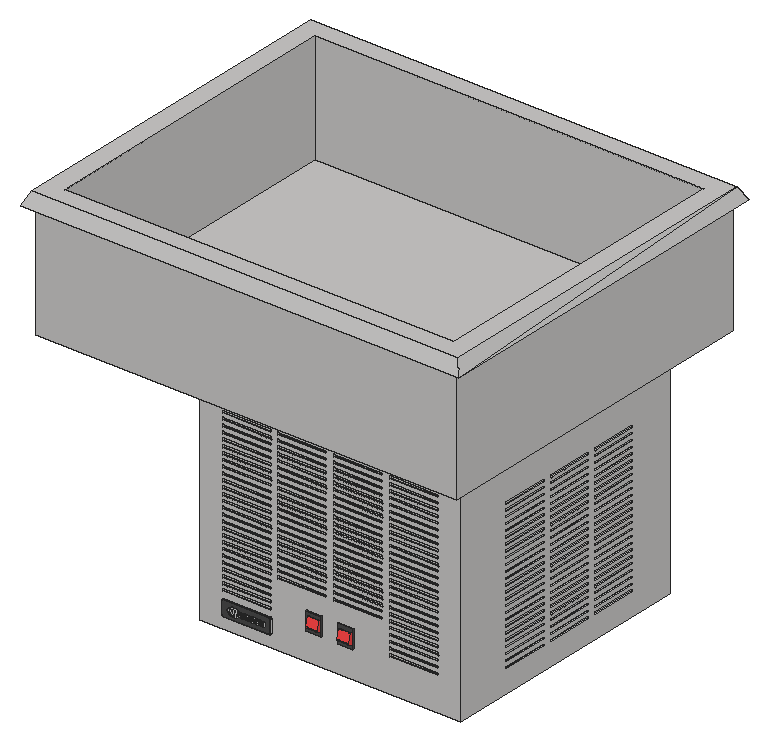
Revit family "QF_MACOM_PRx-xx", category Equipamento especial, Revit 2020
Family settings
  Cota do conector redondo = Utilizar diâmetro
  Tipo de parte = Normal
  Número OmniClass = 23.40.40.11.11.11
  Título OmniClass = Refrigerators
  Com base no plano de trabalho = Não
  Sempre na vertical = Sim
  Corte com vazios quando carregada = Não
  Compartilhado = Não
  Ponto de cálculo do ambiente = Não
Parameters (values of type "PR2-160")
  Work Temperature = "0°C a 2°C"
  Width = 590.000 mm
  Weight = 0.00 lbm
  Volume = 0.23 m³
  Volts = 220 V
  Show Logo = yes
  PL Plate = not(Height > 384.000 mm)  # no
  URL = "https://www.acosmacom.com.br/"
  Protection Degree = "IP 22"
  Modelo = "PR2-160"
  Max Room Temperature = 30.000 °C
  Height = 544.000 mm
  GN Capacity 1/1 = "02"
  Fabricante = "MACOM"
  Elevação padrão = 0.000 mm
  Length = 715.000 mm
  Electric Power = 360 W
  Descrição = "PISTA REFRIGERADA MACOM"
  Cycle = 60 Hz
  Coolant = "R134a"
  Climate Class = "4"
Types (21, lengths in mm): name | Volume | PL Plate | Modelo | Height | GN Capacity 1/1 | Length | Electric Power
  (no name) | 0.23 m³ | no | "PR2-160" | 544.000 | "02" | 715.000 | 360 W
  PR2-160 | 0.23 m³ | no | "PR2-160" | 544.000 | "02" | 715.000 | 360 W
  PR2-25 | 0.23 m³ | no | "PR2-25" | 409.000 | "02" | 715.000 | 360 W
  PR2-65 | 0.23 m³ | no | "PR2-65" | 449.000 | "02" | 715.000 | 360 W
  PR3-25 | 0.34 m³ | no | "PR3-25" | 409.000 | "03" | 1040.000 | 360 W
  PR3-65 | 0.34 m³ | no | "PR3-65" | 449.000 | "03" | 1040.000 | 360 W
  PR3-160 | 0.34 m³ | no | "PR3-160" | 544.000 | "03" | 1040.000 | 360 W
  PR4-25 | 0.44 m³ | no | "PR4-25" | 409.000 | "04" | 1343.000 | 400 W
  PR4-65 | 0.44 m³ | no | "PR4-65" | 449.000 | "04" | 1343.000 | 400 W
  PR4-160 | 0.44 m³ | no | "PR4-160" | 544.000 | "04" | 1343.000 | 400 W
  PR5-25 | 0.55 m³ | no | "PR5-25" | 409.000 | "05" | 1690.000 | 400 W
  PR5-65 | 0.55 m³ | no | "PR5-65" | 449.000 | "05" | 1690.000 | 400 W
  PR5-160 | 0.55 m³ | no | "PR5-160" | 544.000 | "05" | 1690.000 | 400 W
  PR6-25 | 0.55 m³ | no | "PR6-25" | 409.000 | "06" | 2015.000 | 400 W
  PR6-65 | 0.55 m³ | no | "PR6-65" | 449.000 | "06" | 2015.000 | 400 W
  PR6-160 | 0.55 m³ | no | "PR6-160" | 544.000 | "06" | 2015.000 | 400 W
  PR6-PL | 0.65 m³ | yes | "PR6-PL" | 384.000 | "06" | 2015.000 | 400 W
  PR5-PL | 0.55 m³ | yes | "PR5-PL" | 384.000 | "05" | 1690.000 | 400 W
  PR4-PL | 0.44 m³ | yes | "PR4-PL" | 384.000 | "04" | 1365.000 | 400 W
  PR3-PL | 0.34 m³ | yes | "PR3-PL" | 384.000 | "03" | 1040.000 | 360 W
  PR2-PL | 0.23 m³ | yes | "PR2-PL" | 384.000 | "02" | 715.000 | 360 W
Reference planes
  plane 1 "Center (Front/Back)": y = 0
  plane 2: z = 0
  plane 3 "Center (Left/Right)": x = 0
  plane 4: x = -715
  plane 5: y = 590
  plane 6: y = 31
  plane 7: y = 62
  plane 8: x = -400
  plane 9: x = -447
  plane 10: z = 544
  plane 11: z = 426.783
  plane 12: z = 291.837
Forms (mm)
  Blend 1, solid, material "QF_Stainless-Polished"
    base sketch origin (0, 0, 524) x (1, 0, 0) y (0, 1, 0)
      loop
        line (0, 0) -> (0, 590) -> (-715, 590) -> (-715, 0) -> (0, 0)
    top sketch origin (0, 0, 0) x (1, 0, 0) y (0, 1, 0)
      loop
        line (-705, 10) -> (-10, 10) -> (-10, 580) -> (-705, 580) -> (-705, 10)
    from 0 to 544
  Extrusion 2, solid, material "QF_Stainless-Polished"
    sketch origin (0, 0, 524) x (1, 0, 0) y (0, 1, 0)
      loop
        line (-701, 14) -> (-14, 14) -> (-14, 576) -> (-701, 576) -> (-701, 14)
    from 0 to -190
  Extrusion 3, void
    sketch origin (0, 0, 524) x (1, 0, 0) y (0, 1, 0)
      loop
        line (-40, 550) -> (-675, 550) -> (-675, 40) -> (-40, 40) -> (-40, 550)
    from -160 to 20
  Extrusion 4, solid, material "QF_Stainless-Polished"
    sketch origin (-447, 32.5, 332.5) x (1, 0, 0) y (0, 0, -1)
      loop
        line (0, -1.5) -> (426, -1.5) -> (426, 332.5) -> (0, 332.5) -> (0, -1.5)
    from -1.5 to 424
  Extrusion 5, void
    sketch origin (-447, 31, 332.5) x (1, 0, 0) y (0, 0, -1)
      loop
        line (37, 13.5) -> (117, 13.5) -> (117, 18.5) -> (37, 18.5) -> (37, 13.5)
      loop
        line (37, 23.5) -> (117, 23.5) -> (117, 28.5) -> (37, 28.5) -> (37, 23.5)
      loop
        line (37, 33.5) -> (117, 33.5) -> (117, 38.5) -> (37, 38.5) -> (37, 33.5)
      loop
        line (37, 43.5) -> (117, 43.5) -> (117, 48.5) -> (37, 48.5) -> (37, 43.5)
      loop
        line (37, 53.5) -> (117, 53.5) -> (117, 58.5) -> (37, 58.5) -> (37, 53.5)
      loop
        line (37, 63.5) -> (117, 63.5) -> (117, 68.5) -> (37, 68.5) -> (37, 63.5)
      loop
        line (37, 73.5) -> (117, 73.5) -> (117, 78.5) -> (37, 78.5) -> (37, 73.5)
      loop
        line (37, 83.5) -> (117, 83.5) -> (117, 88.5) -> (37, 88.5) -> (37, 83.5)
      loop
        line (37, 93.5) -> (117, 93.5) -> (117, 98.5) -> (37, 98.5) -> (37, 93.5)
      loop
        line (37, 103.5) -> (117, 103.5) -> (117, 108.5) -> (37, 108.5) -> (37, 103.5)
      loop
        line (37, 113.5) -> (117, 113.5) -> (117, 118.5) -> (37, 118.5) -> (37, 113.5)
      loop
        line (37, 123.5) -> (117, 123.5) -> (117, 128.5) -> (37, 128.5) -> (37, 123.5)
      loop
        line (37, 133.5) -> (117, 133.5) -> (117, 138.5) -> (37, 138.5) -> (37, 133.5)
      loop
        line (37, 143.5) -> (117, 143.5) -> (117, 148.5) -> (37, 148.5) -> (37, 143.5)
      loop
        line (37, 153.5) -> (117, 153.5) -> (117, 158.5) -> (37, 158.5) -> (37, 153.5)
      loop
        line (37, 163.5) -> (117, 163.5) -> (117, 168.5) -> (37, 168.5) -> (37, 163.5)
      loop
        line (37, 173.5) -> (117, 173.5) -> (117, 178.5) -> (37, 178.5) -> (37, 173.5)
      loop
        line (37, 183.5) -> (117, 183.5) -> (117, 188.5) -> (37, 188.5) -> (37, 183.5)
      loop
        line (37, 193.5) -> (117, 193.5) -> (117, 198.5) -> (37, 198.5) -> (37, 193.5)
      loop
        line (37, 203.5) -> (117, 203.5) -> (117, 208.5) -> (37, 208.5) -> (37, 203.5)
      loop
        line (37, 213.5) -> (117, 213.5) -> (117, 218.5) -> (37, 218.5) -> (37, 213.5)
      loop
        line (37, 223.5) -> (117, 223.5) -> (117, 228.5) -> (37, 228.5) -> (37, 223.5)
      loop
        line (37, 233.5) -> (117, 233.5) -> (117, 238.5) -> (37, 238.5) -> (37, 233.5)
      loop
        line (37, 243.5) -> (117, 243.5) -> (117, 248.5) -> (37, 248.5) -> (37, 243.5)
      loop
        line (37, 253.5) -> (117, 253.5) -> (117, 258.5) -> (37, 258.5) -> (37, 253.5)
      loop
        line (37, 263.5) -> (117, 263.5) -> (117, 268.5) -> (37, 268.5) -> (37, 263.5)
      loop
        line (37, 273.5) -> (117, 273.5) -> (117, 278.5) -> (37, 278.5) -> (37, 273.5)
      loop
        line (127, 13.5) -> (207, 13.5) -> (207, 18.5) -> (127, 18.5) -> (127, 13.5)
      loop
        line (127, 23.5) -> (207, 23.5) -> (207, 28.5) -> (127, 28.5) -> (127, 23.5)
      loop
        line (127, 33.5) -> (207, 33.5) -> (207, 38.5) -> (127, 38.5) -> (127, 33.5)
      loop
        line (127, 43.5) -> (207, 43.5) -> (207, 48.5) -> (127, 48.5) -> (127, 43.5)
      loop
        line (127, 53.5) -> (207, 53.5) -> (207, 58.5) -> (127, 58.5) -> (127, 53.5)
      loop
        line (127, 63.5) -> (207, 63.5) -> (207, 68.5) -> (127, 68.5) -> (127, 63.5)
      loop
        line (127, 73.5) -> (207, 73.5) -> (207, 78.5) -> (127, 78.5) -> (127, 73.5)
      loop
        line (127, 83.5) -> (207, 83.5) -> (207, 88.5) -> (127, 88.5) -> (127, 83.5)
      loop
        line (127, 93.5) -> (207, 93.5) -> (207, 98.5) -> (127, 98.5) -> (127, 93.5)
      loop
        line (127, 103.5) -> (207, 103.5) -> (207, 108.5) -> (127, 108.5) -> (127, 103.5)
      loop
        line (127, 113.5) -> (207, 113.5) -> (207, 118.5) -> (127, 118.5) -> (127, 113.5)
      loop
        line (127, 123.5) -> (207, 123.5) -> (207, 128.5) -> (127, 128.5) -> (127, 123.5)
      loop
        line (127, 133.5) -> (207, 133.5) -> (207, 138.5) -> (127, 138.5) -> (127, 133.5)
      loop
        line (127, 143.5) -> (207, 143.5) -> (207, 148.5) -> (127, 148.5) -> (127, 143.5)
      loop
        line (127, 153.5) -> (207, 153.5) -> (207, 158.5) -> (127, 158.5) -> (127, 153.5)
      loop
        line (127, 163.5) -> (207, 163.5) -> (207, 168.5) -> (127, 168.5) -> (127, 163.5)
      loop
        line (127, 173.5) -> (207, 173.5) -> (207, 178.5) -> (127, 178.5) -> (127, 173.5)
      loop
        line (127, 183.5) -> (207, 183.5) -> (207, 188.5) -> (127, 188.5) -> (127, 183.5)
      loop
        line (127, 193.5) -> (207, 193.5) -> (207, 198.5) -> (127, 198.5) -> (127, 193.5)
      loop
        line (127, 203.5) -> (207, 203.5) -> (207, 208.5) -> (127, 208.5) -> (127, 203.5)
      loop
        line (127, 213.5) -> (207, 213.5) -> (207, 218.5) -> (127, 218.5) -> (127, 213.5)
      loop
        line (127, 223.5) -> (207, 223.5) -> (207, 228.5) -> (127, 228.5) -> (127, 223.5)
      loop
        line (299, 228.5) -> (219, 228.5) -> (219, 223.5) -> (299, 223.5) -> (299, 228.5)
      loop
        line (219, 218.5) -> (219, 213.5) -> (299, 213.5) -> (299, 218.5) -> (219, 218.5)
      loop
        line (299, 208.5) -> (219, 208.5) -> (219, 203.5) -> (299, 203.5) -> (299, 208.5)
      loop
        line (219, 198.5) -> (219, 193.5) -> (299, 193.5) -> (299, 198.5) -> (219, 198.5)
      loop
        line (299, 188.5) -> (219, 188.5) -> (219, 183.5) -> (299, 183.5) -> (299, 188.5)
      loop
        line (219, 178.5) -> (219, 173.5) -> (299, 173.5) -> (299, 178.5) -> (219, 178.5)
      loop
        line (299, 168.5) -> (219, 168.5) -> (219, 163.5) -> (299, 163.5) -> (299, 168.5)
      loop
        line (299, 158.5) -> (219, 158.5) -> (219, 153.5) -> (299, 153.5) -> (299, 158.5)
      loop
        line (219, 148.5) -> (219, 143.5) -> (299, 143.5) -> (299, 148.5) -> (219, 148.5)
      loop
        line (299, 138.5) -> (219, 138.5) -> (219, 133.5) -> (299, 133.5) -> (299, 138.5)
      loop
        line (219, 128.5) -> (219, 123.5) -> (299, 123.5) -> (299, 128.5) -> (219, 128.5)
      loop
        line (219, 118.5) -> (219, 113.5) -> (299, 113.5) -> (299, 118.5) -> (219, 118.5)
      loop
        line (299, 108.5) -> (219, 108.5) -> (219, 103.5) -> (299, 103.5) -> (299, 108.5)
      loop
        line (219, 98.5) -> (219, 93.5) -> (299, 93.5) -> (299, 98.5) -> (219, 98.5)
      loop
        line (299, 88.5) -> (219, 88.5) -> (219, 83.5) -> (299, 83.5) -> (299, 88.5)
      loop
        line (219, 78.5) -> (219, 73.5) -> (299, 73.5) -> (299, 78.5) -> (219, 78.5)
      loop
        line (299, 68.5) -> (219, 68.5) -> (219, 63.5) -> (299, 63.5) -> (299, 68.5)
      loop
        line (219, 53.5) -> (299, 53.5) -> (299, 58.5) -> (219, 58.5) -> (219, 53.5)
      loop
        line (219, 43.5) -> (299, 43.5) -> (299, 48.5) -> (219, 48.5) -> (219, 43.5)
      loop
        line (219, 33.5) -> (299, 33.5) -> (299, 38.5) -> (219, 38.5) -> (219, 33.5)
      loop
        line (219, 23.5) -> (299, 23.5) -> (299, 28.5) -> (219, 28.5) -> (219, 23.5)
      loop
        line (219, 13.5) -> (299, 13.5) -> (299, 18.5) -> (219, 18.5) -> (219, 13.5)
      loop
        line (309, 13.5) -> (389, 13.5) -> (389, 18.5) -> (309, 18.5) -> (309, 13.5)
      loop
        line (309, 23.5) -> (389, 23.5) -> (389, 28.5) -> (309, 28.5) -> (309, 23.5)
      loop
        line (309, 33.5) -> (389, 33.5) -> (389, 38.5) -> (309, 38.5) -> (309, 33.5)
      loop
        line (309, 43.5) -> (389, 43.5) -> (389, 48.5) -> (309, 48.5) -> (309, 43.5)
      loop
        line (309, 53.5) -> (389, 53.5) -> (389, 58.5) -> (309, 58.5) -> (309, 53.5)
      loop
        line (309, 63.5) -> (389, 63.5) -> (389, 68.5) -> (309, 68.5) -> (309, 63.5)
      loop
        line (309, 73.5) -> (389, 73.5) -> (389, 78.5) -> (309, 78.5) -> (309, 73.5)
      loop
        line (309, 83.5) -> (389, 83.5) -> (389, 88.5) -> (309, 88.5) -> (309, 83.5)
      loop
        line (309, 93.5) -> (389, 93.5) -> (389, 98.5) -> (309, 98.5) -> (309, 93.5)
      loop
        line (309, 103.5) -> (389, 103.5) -> (389, 108.5) -> (309, 108.5) -> (309, 103.5)
      loop
        line (309, 113.5) -> (389, 113.5) -> (389, 118.5) -> (309, 118.5) -> (309, 113.5)
      loop
        line (309, 123.5) -> (389, 123.5) -> (389, 128.5) -> (309, 128.5) -> (309, 123.5)
      loop
        line (309, 133.5) -> (389, 133.5) -> (389, 138.5) -> (309, 138.5) -> (309, 133.5)
      loop
        line (309, 143.5) -> (389, 143.5) -> (389, 148.5) -> (309, 148.5) -> (309, 143.5)
      loop
        line (309, 153.5) -> (389, 153.5) -> (389, 158.5) -> (309, 158.5) -> (309, 153.5)
      loop
        line (309, 163.5) -> (389, 163.5) -> (389, 168.5) -> (309, 168.5) -> (309, 163.5)
      loop
        line (309, 173.5) -> (389, 173.5) -> (389, 178.5) -> (309, 178.5) -> (309, 173.5)
      loop
        line (309, 183.5) -> (389, 183.5) -> (389, 188.5) -> (309, 188.5) -> (309, 183.5)
      loop
        line (309, 193.5) -> (389, 193.5) -> (389, 198.5) -> (309, 198.5) -> (309, 193.5)
      loop
        line (309, 203.5) -> (389, 203.5) -> (389, 208.5) -> (309, 208.5) -> (309, 203.5)
      loop
        line (309, 213.5) -> (389, 213.5) -> (389, 218.5) -> (309, 218.5) -> (309, 213.5)
      loop
        line (309, 223.5) -> (389, 223.5) -> (389, 228.5) -> (309, 228.5) -> (309, 223.5)
      loop
        line (309, 233.5) -> (389, 233.5) -> (389, 238.5) -> (309, 238.5) -> (309, 233.5)
      loop
        line (309, 243.5) -> (389, 243.5) -> (389, 248.5) -> (309, 248.5) -> (309, 243.5)
      loop
        line (309, 253.5) -> (389, 253.5) -> (389, 258.5) -> (309, 258.5) -> (309, 253.5)
      loop
        line (309, 263.5) -> (389, 263.5) -> (389, 268.5) -> (309, 268.5) -> (309, 263.5)
      loop
        line (309, 273.5) -> (389, 273.5) -> (389, 278.5) -> (309, 278.5) -> (309, 273.5)
    from 0 to 3
  Extrusion 6, void
    sketch origin (-21, 32.5, 334) x (0, 0, 1) y (0, 1, 0)
      loop
        line (-52.5, 348.25) -> (-57.5, 348.25) -> (-57.5, 268.25) -> (-52.5, 268.25) -> (-52.5, 348.25)
      loop
        line (-62.5, 348.25) -> (-67.5, 348.25) -> (-67.5, 268.25) -> (-62.5, 268.25) -> (-62.5, 348.25)
      loop
        line (-72.5, 348.25) -> (-77.5, 348.25) -> (-77.5, 268.25) -> (-72.5, 268.25) -> (-72.5, 348.25)
      loop
        line (-82.5, 348.25) -> (-87.5, 348.25) -> (-87.5, 268.25) -> (-82.5, 268.25) -> (-82.5, 348.25)
      loop
        line (-92.5, 348.25) -> (-97.5, 348.25) -> (-97.5, 268.25) -> (-92.5, 268.25) -> (-92.5, 348.25)
      loop
        line (-102.5, 348.25) -> (-107.5, 348.25) -> (-107.5, 268.25) -> (-102.5, 268.25) -> (-102.5, 348.25)
      loop
        line (-112.5, 348.25) -> (-117.5, 348.25) -> (-117.5, 268.25) -> (-112.5, 268.25) -> (-112.5, 348.25)
      loop
        line (-122.5, 348.25) -> (-127.5, 348.25) -> (-127.5, 268.25) -> (-122.5, 268.25) -> (-122.5, 348.25)
      loop
        line (-132.5, 348.25) -> (-137.5, 348.25) -> (-137.5, 268.25) -> (-132.5, 268.25) -> (-132.5, 348.25)
      loop
        line (-142.5, 348.25) -> (-147.5, 348.25) -> (-147.5, 268.25) -> (-142.5, 268.25) -> (-142.5, 348.25)
      loop
        line (-152.5, 348.25) -> (-157.5, 348.25) -> (-157.5, 268.25) -> (-152.5, 268.25) -> (-152.5, 348.25)
      loop
        line (-162.5, 348.25) -> (-167.5, 348.25) -> (-167.5, 268.25) -> (-162.5, 268.25) -> (-162.5, 348.25)
      loop
        line (-172.5, 348.25) -> (-177.5, 348.25) -> (-177.5, 268.25) -> (-172.5, 268.25) -> (-172.5, 348.25)
      loop
        line (-182.5, 348.25) -> (-187.5, 348.25) -> (-187.5, 268.25) -> (-182.5, 268.25) -> (-182.5, 348.25)
      loop
        line (-192.5, 348.25) -> (-197.5, 348.25) -> (-197.5, 268.25) -> (-192.5, 268.25) -> (-192.5, 348.25)
      loop
        line (-202.5, 348.25) -> (-207.5, 348.25) -> (-207.5, 268.25) -> (-202.5, 268.25) -> (-202.5, 348.25)
      loop
        line (-212.5, 348.25) -> (-217.5, 348.25) -> (-217.5, 268.25) -> (-212.5, 268.25) -> (-212.5, 348.25)
      loop
        line (-222.5, 348.25) -> (-227.5, 348.25) -> (-227.5, 268.25) -> (-222.5, 268.25) -> (-222.5, 348.25)
      loop
        line (-232.5, 348.25) -> (-237.5, 348.25) -> (-237.5, 268.25) -> (-232.5, 268.25) -> (-232.5, 348.25)
      loop
        line (-242.5, 348.25) -> (-247.5, 348.25) -> (-247.5, 268.25) -> (-242.5, 268.25) -> (-242.5, 348.25)
      loop
        line (-252.5, 348.25) -> (-257.5, 348.25) -> (-257.5, 268.25) -> (-252.5, 268.25) -> (-252.5, 348.25)
      loop
        line (-262.5, 348.25) -> (-267.5, 348.25) -> (-267.5, 268.25) -> (-262.5, 268.25) -> (-262.5, 348.25)
      loop
        line (-272.5, 348.25) -> (-277.5, 348.25) -> (-277.5, 268.25) -> (-272.5, 268.25) -> (-272.5, 348.25)
      loop
        line (-282.5, 348.25) -> (-287.5, 348.25) -> (-287.5, 268.25) -> (-282.5, 268.25) -> (-282.5, 348.25)
      loop
        line (-292.5, 348.25) -> (-297.5, 348.25) -> (-297.5, 268.25) -> (-292.5, 268.25) -> (-292.5, 348.25)
      loop
        line (-52.5, 258.25) -> (-57.5, 258.25) -> (-57.5, 178.25) -> (-52.5, 178.25) -> (-52.5, 258.25)
      loop
        line (-62.5, 258.25) -> (-67.5, 258.25) -> (-67.5, 178.25) -> (-62.5, 178.25) -> (-62.5, 258.25)
      loop
        line (-72.5, 258.25) -> (-77.5, 258.25) -> (-77.5, 178.25) -> (-72.5, 178.25) -> (-72.5, 258.25)
      loop
        line (-82.5, 258.25) -> (-87.5, 258.25) -> (-87.5, 178.25) -> (-82.5, 178.25) -> (-82.5, 258.25)
      loop
        line (-92.5, 258.25) -> (-97.5, 258.25) -> (-97.5, 178.25) -> (-92.5, 178.25) -> (-92.5, 258.25)
      loop
        line (-102.5, 258.25) -> (-107.5, 258.25) -> (-107.5, 178.25) -> (-102.5, 178.25) -> (-102.5, 258.25)
      loop
        line (-112.5, 258.25) -> (-117.5, 258.25) -> (-117.5, 178.25) -> (-112.5, 178.25) -> (-112.5, 258.25)
      loop
        line (-122.5, 258.25) -> (-127.5, 258.25) -> (-127.5, 178.25) -> (-122.5, 178.25) -> (-122.5, 258.25)
      loop
        line (-132.5, 258.25) -> (-137.5, 258.25) -> (-137.5, 178.25) -> (-132.5, 178.25) -> (-132.5, 258.25)
      loop
        line (-142.5, 258.25) -> (-147.5, 258.25) -> (-147.5, 178.25) -> (-142.5, 178.25) -> (-142.5, 258.25)
      loop
        line (-152.5, 258.25) -> (-157.5, 258.25) -> (-157.5, 178.25) -> (-152.5, 178.25) -> (-152.5, 258.25)
      loop
        line (-162.5, 258.25) -> (-167.5, 258.25) -> (-167.5, 178.25) -> (-162.5, 178.25) -> (-162.5, 258.25)
      loop
        line (-172.5, 258.25) -> (-177.5, 258.25) -> (-177.5, 178.25) -> (-172.5, 178.25) -> (-172.5, 258.25)
      loop
        line (-182.5, 258.25) -> (-187.5, 258.25) -> (-187.5, 178.25) -> (-182.5, 178.25) -> (-182.5, 258.25)
      loop
        line (-192.5, 258.25) -> (-197.5, 258.25) -> (-197.5, 178.25) -> (-192.5, 178.25) -> (-192.5, 258.25)
      loop
        line (-202.5, 258.25) -> (-207.5, 258.25) -> (-207.5, 178.25) -> (-202.5, 178.25) -> (-202.5, 258.25)
      loop
        line (-212.5, 258.25) -> (-217.5, 258.25) -> (-217.5, 178.25) -> (-212.5, 178.25) -> (-212.5, 258.25)
      loop
        line (-222.5, 258.25) -> (-227.5, 258.25) -> (-227.5, 178.25) -> (-222.5, 178.25) -> (-222.5, 258.25)
      loop
        line (-232.5, 258.25) -> (-237.5, 258.25) -> (-237.5, 178.25) -> (-232.5, 178.25) -> (-232.5, 258.25)
      loop
        line (-242.5, 258.25) -> (-247.5, 258.25) -> (-247.5, 178.25) -> (-242.5, 178.25) -> (-242.5, 258.25)
      loop
        line (-252.5, 258.25) -> (-257.5, 258.25) -> (-257.5, 178.25) -> (-252.5, 178.25) -> (-252.5, 258.25)
      loop
        line (-262.5, 258.25) -> (-267.5, 258.25) -> (-267.5, 178.25) -> (-262.5, 178.25) -> (-262.5, 258.25)
      loop
        line (-272.5, 258.25) -> (-277.5, 258.25) -> (-277.5, 178.25) -> (-272.5, 178.25) -> (-272.5, 258.25)
      loop
        line (-282.5, 258.25) -> (-287.5, 258.25) -> (-287.5, 178.25) -> (-282.5, 178.25) -> (-282.5, 258.25)
      loop
        line (-292.5, 258.25) -> (-297.5, 258.25) -> (-297.5, 178.25) -> (-292.5, 178.25) -> (-292.5, 258.25)
      loop
        line (-52.5, 168.25) -> (-57.5, 168.25) -> (-57.5, 88.25) -> (-52.5, 88.25) -> (-52.5, 168.25)
      loop
        line (-62.5, 168.25) -> (-67.5, 168.25) -> (-67.5, 88.25) -> (-62.5, 88.25) -> (-62.5, 168.25)
      loop
        line (-72.5, 168.25) -> (-77.5, 168.25) -> (-77.5, 88.25) -> (-72.5, 88.25) -> (-72.5, 168.25)
      loop
        line (-82.5, 168.25) -> (-87.5, 168.25) -> (-87.5, 88.25) -> (-82.5, 88.25) -> (-82.5, 168.25)
      loop
        line (-92.5, 168.25) -> (-97.5, 168.25) -> (-97.5, 88.25) -> (-92.5, 88.25) -> (-92.5, 168.25)
      loop
        line (-102.5, 168.25) -> (-107.5, 168.25) -> (-107.5, 88.25) -> (-102.5, 88.25) -> (-102.5, 168.25)
      loop
        line (-112.5, 168.25) -> (-117.5, 168.25) -> (-117.5, 88.25) -> (-112.5, 88.25) -> (-112.5, 168.25)
      loop
        line (-122.5, 168.25) -> (-127.5, 168.25) -> (-127.5, 88.25) -> (-122.5, 88.25) -> (-122.5, 168.25)
      loop
        line (-132.5, 168.25) -> (-137.5, 168.25) -> (-137.5, 88.25) -> (-132.5, 88.25) -> (-132.5, 168.25)
      loop
        line (-142.5, 168.25) -> (-147.5, 168.25) -> (-147.5, 88.25) -> (-142.5, 88.25) -> (-142.5, 168.25)
      loop
        line (-152.5, 168.25) -> (-157.5, 168.25) -> (-157.5, 88.25) -> (-152.5, 88.25) -> (-152.5, 168.25)
      loop
        line (-162.5, 168.25) -> (-167.5, 168.25) -> (-167.5, 88.25) -> (-162.5, 88.25) -> (-162.5, 168.25)
      loop
        line (-172.5, 168.25) -> (-177.5, 168.25) -> (-177.5, 88.25) -> (-172.5, 88.25) -> (-172.5, 168.25)
      loop
        line (-182.5, 168.25) -> (-187.5, 168.25) -> (-187.5, 88.25) -> (-182.5, 88.25) -> (-182.5, 168.25)
      loop
        line (-192.5, 168.25) -> (-197.5, 168.25) -> (-197.5, 88.25) -> (-192.5, 88.25) -> (-192.5, 168.25)
      loop
        line (-202.5, 168.25) -> (-207.5, 168.25) -> (-207.5, 88.25) -> (-202.5, 88.25) -> (-202.5, 168.25)
      loop
        line (-212.5, 168.25) -> (-217.5, 168.25) -> (-217.5, 88.25) -> (-212.5, 88.25) -> (-212.5, 168.25)
      loop
        line (-222.5, 168.25) -> (-227.5, 168.25) -> (-227.5, 88.25) -> (-222.5, 88.25) -> (-222.5, 168.25)
      loop
        line (-232.5, 168.25) -> (-237.5, 168.25) -> (-237.5, 88.25) -> (-232.5, 88.25) -> (-232.5, 168.25)
      loop
        line (-242.5, 168.25) -> (-247.5, 168.25) -> (-247.5, 88.25) -> (-242.5, 88.25) -> (-242.5, 168.25)
      loop
        line (-252.5, 168.25) -> (-257.5, 168.25) -> (-257.5, 88.25) -> (-252.5, 88.25) -> (-252.5, 168.25)
      loop
        line (-262.5, 168.25) -> (-267.5, 168.25) -> (-267.5, 88.25) -> (-262.5, 88.25) -> (-262.5, 168.25)
      loop
        line (-272.5, 168.25) -> (-277.5, 168.25) -> (-277.5, 88.25) -> (-272.5, 88.25) -> (-272.5, 168.25)
      loop
        line (-282.5, 168.25) -> (-287.5, 168.25) -> (-287.5, 88.25) -> (-282.5, 88.25) -> (-282.5, 168.25)
      loop
        line (-292.5, 168.25) -> (-297.5, 168.25) -> (-297.5, 88.25) -> (-292.5, 88.25) -> (-292.5, 168.25)
    from 0 to 3
  Extrusion 7, void
    sketch origin (-447, 32.5, 0) x (0, 0, -1) y (0, 1, 0)
      loop
        line (-294.5, 88.25) -> (-289.5, 88.25) -> (-289.5, 168.25) -> (-294.5, 168.25) -> (-294.5, 88.25)
      loop
        line (-284.5, 88.25) -> (-279.5, 88.25) -> (-279.5, 168.25) -> (-284.5, 168.25) -> (-284.5, 88.25)
      loop
        line (-274.5, 88.25) -> (-269.5, 88.25) -> (-269.5, 168.25) -> (-274.5, 168.25) -> (-274.5, 88.25)
      loop
        line (-264.5, 88.25) -> (-259.5, 88.25) -> (-259.5, 168.25) -> (-264.5, 168.25) -> (-264.5, 88.25)
      loop
        line (-254.5, 88.25) -> (-249.5, 88.25) -> (-249.5, 168.25) -> (-254.5, 168.25) -> (-254.5, 88.25)
      loop
        line (-244.5, 88.25) -> (-239.5, 88.25) -> (-239.5, 168.25) -> (-244.5, 168.25) -> (-244.5, 88.25)
      loop
        line (-234.5, 88.25) -> (-229.5, 88.25) -> (-229.5, 168.25) -> (-234.5, 168.25) -> (-234.5, 88.25)
      loop
        line (-224.5, 88.25) -> (-219.5, 88.25) -> (-219.5, 168.25) -> (-224.5, 168.25) -> (-224.5, 88.25)
      loop
        line (-214.5, 88.25) -> (-209.5, 88.25) -> (-209.5, 168.25) -> (-214.5, 168.25) -> (-214.5, 88.25)
      loop
        line (-204.5, 88.25) -> (-199.5, 88.25) -> (-199.5, 168.25) -> (-204.5, 168.25) -> (-204.5, 88.25)
      loop
        line (-194.5, 88.25) -> (-189.5, 88.25) -> (-189.5, 168.25) -> (-194.5, 168.25) -> (-194.5, 88.25)
      loop
        line (-184.5, 88.25) -> (-179.5, 88.25) -> (-179.5, 168.25) -> (-184.5, 168.25) -> (-184.5, 88.25)
      loop
        line (-174.5, 88.25) -> (-169.5, 88.25) -> (-169.5, 168.25) -> (-174.5, 168.25) -> (-174.5, 88.25)
      loop
        line (-164.5, 88.25) -> (-159.5, 88.25) -> (-159.5, 168.25) -> (-164.5, 168.25) -> (-164.5, 88.25)
      loop
        line (-154.5, 88.25) -> (-149.5, 88.25) -> (-149.5, 168.25) -> (-154.5, 168.25) -> (-154.5, 88.25)
      loop
        line (-144.5, 88.25) -> (-139.5, 88.25) -> (-139.5, 168.25) -> (-144.5, 168.25) -> (-144.5, 88.25)
      loop
        line (-134.5, 88.25) -> (-129.5, 88.25) -> (-129.5, 168.25) -> (-134.5, 168.25) -> (-134.5, 88.25)
      loop
        line (-124.5, 88.25) -> (-119.5, 88.25) -> (-119.5, 168.25) -> (-124.5, 168.25) -> (-124.5, 88.25)
      loop
        line (-114.5, 88.25) -> (-109.5, 88.25) -> (-109.5, 168.25) -> (-114.5, 168.25) -> (-114.5, 88.25)
      loop
        line (-104.5, 88.25) -> (-99.5, 88.25) -> (-99.5, 168.25) -> (-104.5, 168.25) -> (-104.5, 88.25)
      loop
        line (-94.5, 88.25) -> (-89.5, 88.25) -> (-89.5, 168.25) -> (-94.5, 168.25) -> (-94.5, 88.25)
      loop
        line (-84.5, 88.25) -> (-79.5, 88.25) -> (-79.5, 168.25) -> (-84.5, 168.25) -> (-84.5, 88.25)
      loop
        line (-74.5, 88.25) -> (-69.5, 88.25) -> (-69.5, 168.25) -> (-74.5, 168.25) -> (-74.5, 88.25)
      loop
        line (-64.5, 88.25) -> (-59.5, 88.25) -> (-59.5, 168.25) -> (-64.5, 168.25) -> (-64.5, 88.25)
      loop
        line (-54.5, 88.25) -> (-49.5, 88.25) -> (-49.5, 168.25) -> (-54.5, 168.25) -> (-54.5, 88.25)
      loop
        line (-294.5, 178.25) -> (-289.5, 178.25) -> (-289.5, 258.25) -> (-294.5, 258.25) -> (-294.5, 178.25)
      loop
        line (-284.5, 178.25) -> (-279.5, 178.25) -> (-279.5, 258.25) -> (-284.5, 258.25) -> (-284.5, 178.25)
      loop
        line (-274.5, 178.25) -> (-269.5, 178.25) -> (-269.5, 258.25) -> (-274.5, 258.25) -> (-274.5, 178.25)
      loop
        line (-264.5, 178.25) -> (-259.5, 178.25) -> (-259.5, 258.25) -> (-264.5, 258.25) -> (-264.5, 178.25)
      loop
        line (-254.5, 178.25) -> (-249.5, 178.25) -> (-249.5, 258.25) -> (-254.5, 258.25) -> (-254.5, 178.25)
      loop
        line (-244.5, 178.25) -> (-239.5, 178.25) -> (-239.5, 258.25) -> (-244.5, 258.25) -> (-244.5, 178.25)
      loop
        line (-234.5, 178.25) -> (-229.5, 178.25) -> (-229.5, 258.25) -> (-234.5, 258.25) -> (-234.5, 178.25)
      loop
        line (-224.5, 178.25) -> (-219.5, 178.25) -> (-219.5, 258.25) -> (-224.5, 258.25) -> (-224.5, 178.25)
      loop
        line (-214.5, 178.25) -> (-209.5, 178.25) -> (-209.5, 258.25) -> (-214.5, 258.25) -> (-214.5, 178.25)
      loop
        line (-204.5, 178.25) -> (-199.5, 178.25) -> (-199.5, 258.25) -> (-204.5, 258.25) -> (-204.5, 178.25)
      loop
        line (-194.5, 178.25) -> (-189.5, 178.25) -> (-189.5, 258.25) -> (-194.5, 258.25) -> (-194.5, 178.25)
      loop
        line (-184.5, 178.25) -> (-179.5, 178.25) -> (-179.5, 258.25) -> (-184.5, 258.25) -> (-184.5, 178.25)
      loop
        line (-174.5, 178.25) -> (-169.5, 178.25) -> (-169.5, 258.25) -> (-174.5, 258.25) -> (-174.5, 178.25)
      loop
        line (-164.5, 178.25) -> (-159.5, 178.25) -> (-159.5, 258.25) -> (-164.5, 258.25) -> (-164.5, 178.25)
      loop
        line (-154.5, 178.25) -> (-149.5, 178.25) -> (-149.5, 258.25) -> (-154.5, 258.25) -> (-154.5, 178.25)
      loop
        line (-144.5, 178.25) -> (-139.5, 178.25) -> (-139.5, 258.25) -> (-144.5, 258.25) -> (-144.5, 178.25)
      loop
        line (-134.5, 178.25) -> (-129.5, 178.25) -> (-129.5, 258.25) -> (-134.5, 258.25) -> (-134.5, 178.25)
      loop
        line (-124.5, 178.25) -> (-119.5, 178.25) -> (-119.5, 258.25) -> (-124.5, 258.25) -> (-124.5, 178.25)
      loop
        line (-114.5, 178.25) -> (-109.5, 178.25) -> (-109.5, 258.25) -> (-114.5, 258.25) -> (-114.5, 178.25)
      loop
        line (-104.5, 178.25) -> (-99.5, 178.25) -> (-99.5, 258.25) -> (-104.5, 258.25) -> (-104.5, 178.25)
      loop
        line (-94.5, 178.25) -> (-89.5, 178.25) -> (-89.5, 258.25) -> (-94.5, 258.25) -> (-94.5, 178.25)
      loop
        line (-84.5, 178.25) -> (-79.5, 178.25) -> (-79.5, 258.25) -> (-84.5, 258.25) -> (-84.5, 178.25)
      loop
        line (-74.5, 178.25) -> (-69.5, 178.25) -> (-69.5, 258.25) -> (-74.5, 258.25) -> (-74.5, 178.25)
      loop
        line (-64.5, 178.25) -> (-59.5, 178.25) -> (-59.5, 258.25) -> (-64.5, 258.25) -> (-64.5, 178.25)
      loop
        line (-54.5, 178.25) -> (-49.5, 178.25) -> (-49.5, 258.25) -> (-54.5, 258.25) -> (-54.5, 178.25)
      loop
        line (-294.5, 268.25) -> (-289.5, 268.25) -> (-289.5, 348.25) -> (-294.5, 348.25) -> (-294.5, 268.25)
      loop
        line (-284.5, 268.25) -> (-279.5, 268.25) -> (-279.5, 348.25) -> (-284.5, 348.25) -> (-284.5, 268.25)
      loop
        line (-274.5, 268.25) -> (-269.5, 268.25) -> (-269.5, 348.25) -> (-274.5, 348.25) -> (-274.5, 268.25)
      loop
        line (-264.5, 268.25) -> (-259.5, 268.25) -> (-259.5, 348.25) -> (-264.5, 348.25) -> (-264.5, 268.25)
      loop
        line (-254.5, 268.25) -> (-249.5, 268.25) -> (-249.5, 348.25) -> (-254.5, 348.25) -> (-254.5, 268.25)
      loop
        line (-244.5, 268.25) -> (-239.5, 268.25) -> (-239.5, 348.25) -> (-244.5, 348.25) -> (-244.5, 268.25)
      loop
        line (-234.5, 268.25) -> (-229.5, 268.25) -> (-229.5, 348.25) -> (-234.5, 348.25) -> (-234.5, 268.25)
      loop
        line (-224.5, 268.25) -> (-219.5, 268.25) -> (-219.5, 348.25) -> (-224.5, 348.25) -> (-224.5, 268.25)
      loop
        line (-214.5, 268.25) -> (-209.5, 268.25) -> (-209.5, 348.25) -> (-214.5, 348.25) -> (-214.5, 268.25)
      loop
        line (-204.5, 268.25) -> (-199.5, 268.25) -> (-199.5, 348.25) -> (-204.5, 348.25) -> (-204.5, 268.25)
      loop
        line (-194.5, 268.25) -> (-189.5, 268.25) -> (-189.5, 348.25) -> (-194.5, 348.25) -> (-194.5, 268.25)
      loop
        line (-184.5, 268.25) -> (-179.5, 268.25) -> (-179.5, 348.25) -> (-184.5, 348.25) -> (-184.5, 268.25)
      loop
        line (-174.5, 268.25) -> (-169.5, 268.25) -> (-169.5, 348.25) -> (-174.5, 348.25) -> (-174.5, 268.25)
      loop
        line (-164.5, 268.25) -> (-159.5, 268.25) -> (-159.5, 348.25) -> (-164.5, 348.25) -> (-164.5, 268.25)
      loop
        line (-154.5, 268.25) -> (-149.5, 268.25) -> (-149.5, 348.25) -> (-154.5, 348.25) -> (-154.5, 268.25)
      loop
        line (-144.5, 268.25) -> (-139.5, 268.25) -> (-139.5, 348.25) -> (-144.5, 348.25) -> (-144.5, 268.25)
      loop
        line (-134.5, 268.25) -> (-129.5, 268.25) -> (-129.5, 348.25) -> (-134.5, 348.25) -> (-134.5, 268.25)
      loop
        line (-124.5, 268.25) -> (-119.5, 268.25) -> (-119.5, 348.25) -> (-124.5, 348.25) -> (-124.5, 268.25)
      loop
        line (-114.5, 268.25) -> (-109.5, 268.25) -> (-109.5, 348.25) -> (-114.5, 348.25) -> (-114.5, 268.25)
      loop
        line (-104.5, 268.25) -> (-99.5, 268.25) -> (-99.5, 348.25) -> (-104.5, 348.25) -> (-104.5, 268.25)
      loop
        line (-94.5, 268.25) -> (-89.5, 268.25) -> (-89.5, 348.25) -> (-94.5, 348.25) -> (-94.5, 268.25)
      loop
        line (-84.5, 268.25) -> (-79.5, 268.25) -> (-79.5, 348.25) -> (-84.5, 348.25) -> (-84.5, 268.25)
      loop
        line (-74.5, 268.25) -> (-69.5, 268.25) -> (-69.5, 348.25) -> (-74.5, 348.25) -> (-74.5, 268.25)
      loop
        line (-64.5, 268.25) -> (-59.5, 268.25) -> (-59.5, 348.25) -> (-64.5, 348.25) -> (-64.5, 268.25)
      loop
        line (-54.5, 268.25) -> (-49.5, 268.25) -> (-49.5, 348.25) -> (-54.5, 348.25) -> (-54.5, 268.25)
    from 0 to 3
  Extrusion 8, solid, material "QF_Stainless-Polished"
    sketch origin (-348, 560, 13) x (0, 0, -1) y (0, -1, 0)
      loop
        line (13, 0) -> (13, 103.5) -> (-207, 103.5) -> (-207, 50) -> (-137, 0) -> (13, 0)
    from 0 to -228
  Extrusion 9, solid, material "QF_Stainless-Polished"
    sketch origin (-21, 32.5, 0) x (0, 1, 0) y (1, 0, 0)
      loop
        circle (29.5, -379) r 9.525
    from 0 to 6.35
  Extrusion 10, solid, material "QF_Stainless-Polished", visible <- "PL Plate"
    sketch origin (0, 0, 364) x (1, 0, 0) y (0, 1, 0)
      loop
        line (-655, 530) -> (-655, 60) -> (-60, 60) -> (-60, 530) -> (-655, 530)
    from 0 to 180
Cuts and joins
  Extrusion 3 cuts Blend 1
  Extrusion 3 cuts Extrusion 2
  joined: Blend 1, Extrusion 2
  Extrusion 5, Extrusion 6, Extrusion 7 cuts Extrusion 4
Lines and regions (mm)
  symbolic lines
    curve 1: line (-715, 590, 0) -> (0, 590, 0)
    curve 2: line (0, 590, 0) -> (0, 0, 0)
    curve 3: line (0, 0, 0) -> (-715, 0, 0)
    curve 4: line (-715, 0, 0) -> (-715, 590, 0)
    curve 5: line (-715, 590, 0) -> (-705, 580, 0)
    curve 6: line (-705, 580, 0) -> (-10, 580, 0)
    curve 7: line (-10, 580, 0) -> (-10, 10, 0)
    curve 8: line (-715, 0, 0) -> (-705, 10, 0)
    curve 9: line (-705, 10, 0) -> (-10, 10, 0)
    curve 10: line (0, 590, 0) -> (-10, 580, 0)
    curve 11: line (0, 0, 0) -> (-10, 10, 0)
    curve 12: line (-705, 580, 0) -> (-705, 10, 0)
    curve 13: line (-675, 40, 0) -> (-675, 550, 0)
    curve 14: line (-675, 550, 0) -> (-40, 550, 0)
    curve 15: line (-40, 550, 0) -> (-40, 40, 0)
    curve 16: line (-40, 40, 0) -> (-675, 40, 0)
  symbolic lines, visible <- "PL Plate"
    curve 17: line (-655, 530, 0) -> (-60, 530, 0)
    curve 18: line (-655, 60, 0) -> (-655, 530, 0)
    curve 19: line (-60, 60, 0) -> (-655, 60, 0)
    curve 20: line (-60, 530, 0) -> (-60, 60, 0)
Dimensions and locks
  "Width": plane 5 to plane 1 "Center (Front/Back)"
  plane 7 to plane 6 = 31.000 mm
  plane 9 to plane 8 = 47.000 mm
  cut or joined group of Extrusion 4, Extrusion 5, Extrusion 6, Extrusion 7 to cut or joined group of Extrusion 4, Extrusion 5, Extrusion 6, Extrusion 7 = 426.000 mm
  locked: Blend 1 sketch curve to plane 3 "Center (Left/Right)" at 10
  plane 4 to Blend 1 sketch curve = 10.000 mm
  locked: Extrusion 2 sketch curve to plane 1 "Center (Front/Back)" at 14
  plane 1 "Center (Front/Back)" to cut or joined group of Blend 1, Extrusion 2, Extrusion 3 = 40.000 mm
  locked: Extrusion 3 sketch curve to plane 1 "Center (Front/Back)" at 40
  locked: Extrusion 4 sketch curve to level at 334
  locked: cut or joined group of Blend 1, Extrusion 2, Extrusion 3 to cut or joined group of Blend 1, Extrusion 2, Extrusion 3
  locked: plane 10 to cut or joined group of Blend 1, Extrusion 2, Extrusion 3 at 20
  "Height": plane 10 to level
  "Length": plane 3 "Center (Left/Right)" to plane 4
  locked: plane 5 to Extrusion 3 sketch curve at 40
  locked: cut or joined group of Blend 1, Extrusion 2, Extrusion 3 to Extrusion 10 sketch curve at 20
  locked: Extrusion 10 sketch curve to cut or joined group of Blend 1, Extrusion 2, Extrusion 3 at 20  (x3)
  aligned and locked: level to plane 2
  aligned and locked: Blend 1 to Extrusion 3
  aligned and locked: plane 4 to cut or joined group of Blend 1, Extrusion 2, Extrusion 3
  aligned and locked: plane 5 to cut or joined group of Blend 1, Extrusion 2, Extrusion 3
  aligned and locked: plane 6 to cut or joined group of Extrusion 4, Extrusion 5, Extrusion 6, Extrusion 7
  aligned and locked: plane 9 to cut or joined group of Extrusion 4, Extrusion 5, Extrusion 6, Extrusion 7
  aligned and locked: plane 10 to cut or joined group of Blend 1, Extrusion 2, Extrusion 3
  aligned and locked: Blend 1 sketch curve to plane 3 "Center (Left/Right)"
  aligned and locked: plane 4 to Blend 1 sketch curve
  aligned and locked: Extrusion 2 to cut or joined group of Extrusion 4, Extrusion 5, Extrusion 6, Extrusion 7
  aligned and locked: cut or joined group of Blend 1, Extrusion 2, Extrusion 3 to Extrusion 10
  aligned and locked: curve 17 to Extrusion 10
  aligned and locked: curve 18 to Extrusion 10
  aligned and locked: curve 19 to Extrusion 10
  aligned and locked: curve 20 to Extrusion 10
Automatic sketch dimensions
  Extrusion 4 to Extrusion 5 sketch curve = 15.000 mm  (x3)
  Extrusion 4 to Extrusion 5 sketch curve = 37.000 mm  (x3)
  Extrusion 5 sketch curve to Extrusion 5 sketch curve = 0.000 mm  (x185)
  Extrusion 5 sketch curve to Extrusion 5 sketch curve = 80.000 mm  (x3)
  Extrusion 5 sketch curve to Extrusion 5 sketch curve = 10.000 mm  (x4)
  Extrusion 5 sketch curve to Extrusion 5 sketch curve = 12.000 mm  (x2)
  Extrusion 5 sketch curve to Extrusion 5 sketch curve = 5.000 mm  (x192)
  Extrusion 4 to Extrusion 6 sketch curve = 36.500 mm  (x2)
  Extrusion 6 sketch curve to Extrusion 6 sketch curve = 0.000 mm  (x142)
  Extrusion 6 sketch curve to Extrusion 6 sketch curve = 5.000 mm  (x147)
  Extrusion 6 sketch curve to Extrusion 4 = 89.750 mm  (x2)
  Extrusion 6 sketch curve to Extrusion 6 sketch curve = 80.000 mm  (x2)
  Extrusion 6 sketch curve to Extrusion 6 sketch curve = 10.000 mm  (x4)
  Extrusion 6 sketch curve to Extrusion 4 = 75.750 mm
  Extrusion 4 to Extrusion 7 sketch curve = 39.500 mm  (x2)
  Extrusion 7 sketch curve to Extrusion 7 sketch curve = 0.000 mm  (x142)
  Extrusion 7 sketch curve to Extrusion 7 sketch curve = 5.000 mm  (x147)
  Extrusion 7 sketch curve to Extrusion 4 = 89.750 mm  (x2)
  Extrusion 7 sketch curve to Extrusion 7 sketch curve = 80.000 mm  (x2)
  Extrusion 7 sketch curve to Extrusion 7 sketch curve = 10.000 mm  (x4)
  Extrusion 7 sketch curve to Extrusion 4 = 75.750 mm
  Extrusion 8 sketch curve to Extrusion 8 sketch curve = 70.000 mm
  Extrusion 8 sketch curve to plane 1 "Center (Front/Back)" = 560.000 mm
  Extrusion 8 sketch curve to Extrusion 8 sketch curve = 50.000 mm
  Extrusion 8 sketch curve to Extrusion 8 sketch curve = 103.500 mm
  Extrusion 9 sketch curve to Extrusion 4 = 31.000 mm
  Extrusion 4 to Extrusion 9 sketch curve = 47.000 mm
  Extrusion 8 sketch curve to Extrusion 8 sketch curve = 150.000 mm
  level to Extrusion 8 sketch curve = 220.000 mm
  plane 1 "Center (Front/Back)" to Blend 1 sketch curve = 0.000 mm
  plane 5 to Blend 1 sketch curve = 0.000 mm
  Blend 1 sketch curve to plane 1 "Center (Front/Back)" = 10.000 mm
  plane 5 to Blend 1 sketch curve = 10.000 mm
  plane 4 to Extrusion 2 sketch curve = 14.000 mm
  Extrusion 2 sketch curve to plane 3 "Center (Left/Right)" = 14.000 mm
  plane 5 to Extrusion 2 sketch curve = 14.000 mm
  Extrusion 4 sketch curve to level = 0.000 mm
  Extrusion 4 sketch curve to plane 9 = 0.000 mm
  Extrusion 4 sketch curve to plane 3 "Center (Left/Right)" = 21.000 mm
  plane 4 to Extrusion 3 sketch curve = 40.000 mm
  Extrusion 3 sketch curve to plane 3 "Center (Left/Right)" = 40.000 mm
  curve 1 to plane 4 = 0.000 mm
  plane 1 "Center (Front/Back)" to curve 3 = 0.000 mm
  curve 3 to plane 3 "Center (Left/Right)" = 0.000 mm
  plane 5 to curve 5 = 0.000 mm
  plane 4 to curve 12 = 10.000 mm
  curve 13 to curve 19 = 20.000 mm
  plane 6 to curve 15 = 9.000 mm
  curve 19 to curve 15 = 20.000 mm
  curve 6 to plane 3 "Center (Left/Right)" = 10.000 mm
  curve 8 to plane 1 "Center (Front/Back)" = 10.000 mm
  curve 17 to curve 15 = 20.000 mm
  plane 5 to curve 6 = 10.000 mm
  radius of Extrusion 9 sketch curve = 9.525 mm
Nested families
  nested 1: "LOGOTIPO MACON" at (-370, 30.999, 18.241), visible <- "Show Logo", type "LOGOTIPO MACON"
  nested 2: "BOTAO_VERMELHO" at (-248, 31, 45), type "BOTAO_VERMELHO"
  nested 3: "BOTAO_VERMELHO" at (-196, 31, 45), type "BOTAO_VERMELHO"
Connectors
  electrical at (-400, 62, -6.35), driven by "Volts"
    settings: on Extrusion 9, index 1, voltage 220 V, apparent load 0 VA, apparent load phase1 0 VA, apparent load phase2 0 VA, apparent load phase3 0 VA, power factor 1, load classification "Outro", number of poles 1, system type 30, power factor state 1, is connector primary yes, connector utility no, sub classification motor no, connector description ""
Definition of nested family "LOGOTIPO MACON"
  Parameters (values of type "LOGOTIPO MACON")
    Default Elevation = 0.000 mm
  Reference planes
    plane 1 "Centro (Frente/Trás)": y = 0
    plane 2: z = 0
    plane 3 "Centro (Esquerda/Direita)": x = 0
  Forms (mm)
    Extrusion 1, solid
      sketch origin (0, 4.488, 0.011) x (1, 0, 0) y (0, 0.000061, 1)
        loop
          arc (-37.5, 25.9) -> (-39.268, 25.168) -> (-40, 23.4) r 2.5
          line (-40, 23.4) -> (-40, 2.5)
          arc (-40, 2.5) -> (-39.268, 0.732) -> (-37.5, 0) r 2.5
          line (-37.5, 0) -> (37.5, 0)
          arc (37.5, 0) -> (39.268, 0.732) -> (40, 2.5) r 2.5
          line (40, 2.5) -> (40, 23.4)
          arc (40, 23.4) -> (39.268, 25.168) -> (37.5, 25.9) r 2.5
          line (37.5, 25.9) -> (-37.5, 25.9)
      from 5.474 to 4.489
    Extrusion 2, solid
      sketch origin (0, 4.488, 0.011) x (1, 0, 0) y (0, 0.000061, 1)
        loop
          arc (-39, 3.5) -> (-38.268, 1.732) -> (-36.5, 1) r 2.5
          line (-36.5, 1) -> (36.5, 1)
          arc (36.5, 1) -> (38.268, 1.732) -> (39, 3.5) r 2.5
          line (39, 3.5) -> (39, 22.668)
          arc (39, 22.668) -> (38.268, 24.436) -> (36.5, 25.168) r 2.5
          line (36.5, 25.168) -> (-36.5, 25.168)
          arc (-36.5, 25.168) -> (-38.268, 24.436) -> (-39, 22.668) r 2.5
          line (-39, 22.668) -> (-39, 3.5)
      from 5.474 to 6.289
    Extrusion 3, solid
      sketch origin (24.652, 4.488, 0.011) x (-1, 0, 0) y (0, -0.000061, -1)
        loop
          line (11.282, -9.291) -> (11.282, -10.615)
          arc (11.282, -10.615) -> (15.871, -12.733) -> (11.146, -14.527) r 2.741
          line (11.146, -14.527) -> (11.146, -15.974)
          arc (11.146, -15.974) -> (17.58, -12.762) -> (11.282, -9.291) r 4.061
        loop
          circle (6.809, -12.319) r 3.69
        loop
          circle (6.809, -12.319) r 2.22
        loop
          line (32.238, -16.286) -> (32.238, -9.175) -> (30.639, -9.175) -> (30.639, -14.32)
          arc (30.639, -14.32) -> (30.147, -14.812) -> (29.656, -14.32) r 0.492
          line (29.656, -14.32) -> (29.656, -9.175) -> (28.069, -9.175) -> (28.069, -14.32)
          arc (28.069, -14.32) -> (27.53, -14.859) -> (26.99, -14.32) r 0.539
          line (26.99, -14.32) -> (26.99, -9.175) -> (25.446, -9.175) -> (25.446, -14.741)
          arc (25.446, -14.741) -> (25.898, -15.834) -> (26.99, -16.286) r 1.545
          line (26.99, -16.286) -> (32.238, -16.286)
        loop
          line (23.94, -9.173) -> (22.031, -9.173) -> (22.031, -11.199) -> (20.21, -11.199) -> (20.21, -9.173) -> (18.544, -9.173) -> (18.544, -14.832)
          arc (18.544, -14.832) -> (18.942, -15.792) -> (19.902, -16.189) r 1.358
          line (19.902, -16.189) -> (23.94, -16.189) -> (23.94, -9.173)
        loop
          line (20.21, -12.773) -> (20.21, -14.531) -> (22.031, -14.531) -> (22.031, -12.773) -> (20.21, -12.773)
        loop
          line (1.892, -16.286) -> (1.892, -9.175) -> (0.292, -9.175) -> (0.292, -14.32)
          arc (0.292, -14.32) -> (-0.199, -14.812) -> (-0.691, -14.32) r 0.492
          line (-0.691, -14.32) -> (-0.691, -9.175) -> (-2.278, -9.175) -> (-2.278, -14.32)
          arc (-2.278, -14.32) -> (-2.817, -14.859) -> (-3.356, -14.32) r 0.539
          line (-3.356, -14.32) -> (-3.356, -9.175) -> (-4.901, -9.175) -> (-4.901, -14.741)
          arc (-4.901, -14.741) -> (-4.449, -15.834) -> (-3.356, -16.286) r 1.545
          line (-3.356, -16.286) -> (1.892, -16.286)
        loop
          line (51.28, -9.173) -> (49.828, -17.406)
          arc (49.828, -17.406) -> (53.465, -13.803) -> (51.28, -9.173) r 4.434
        loop
          arc (48.733, -7.616) -> (47.997, -7.316) -> (47.203, -7.346) r 1.888
          line (47.203, -7.346) -> (45.757, -15.549)
          arc (45.757, -15.549) -> (46.402, -15.886) -> (47.047, -15.549) r 0.786
          line (47.047, -15.549) -> (48.733, -7.616)
        loop
          arc (44.32, -6.837) -> (43.579, -6.926) -> (42.893, -7.22) r 2.628
          line (42.893, -7.22) -> (41.1, -15.655)
          arc (41.1, -15.655) -> (41.933, -16) -> (42.765, -15.655) r 1.178
          line (42.765, -15.655) -> (44.32, -6.837)
        loop
          arc (39.538, -8.212) -> (36.053, -11.76) -> (38.114, -16.286) r 4.392
          line (38.114, -16.286) -> (39.538, -8.212)
        loop
          spline (55.059, -12.773) -> (54.705, -11.079) -> (53.667, -9.501) -> (52.017, -8.146) -> (49.866, -7.106) -> (47.361, -6.452) -> (44.673, -6.229) -> (41.985, -6.452) -> (39.48, -7.106) -> (37.329, -8.146) -> (35.678, -9.501) -> (34.641, -11.079) -> (34.287, -12.773)
          spline (34.287, -12.773) -> (34.641, -14.466) -> (35.678, -16.045) -> (37.329, -17.4) -> (39.48, -18.44) -> (41.985, -19.094) -> (44.673, -19.317) -> (47.361, -19.094) -> (49.866, -18.44) -> (52.017, -17.4) -> (53.667, -16.045) -> (54.705, -14.466) -> (55.059, -12.773)
      from 6.289 to 6.977
  Dimensions and locks
    aligned and locked: level to plane 2
Definition of nested family "BOTAO_VERMELHO"
  Parameters (values of type "BOTAO_VERMELHO")
    Default Elevation = 0.000 mm
  Reference planes
    plane 1 "Center (Front/Back)": y = 0
    plane 2: z = 0
    plane 3 "Center (Left/Right)": x = 0
    plane 4: x = -12
    plane 5: x = -2.25
    plane 6: x = -21.75
    plane 7: z = 15
    plane 8: z = 6
    plane 9: z = 24
  Forms (mm)
    Extrusion 1, solid
      sketch origin (0, 0, 0) x (1, 0, 0) y (0, 0, 1)
        loop
          line (0, 0) -> (0, 30) -> (-24, 30) -> (-24, 0) -> (0, 0)
      from 0 to 2
    Extrusion 2, solid
      sketch origin (0, 0, -0.469) x (0, 1, 0) y (0, 0, 1)
        loop
          line (-2, 7.101) -> (-2, 23.548)
          arc (-2, 23.548) -> (-2.243, 23.827) -> (-2.553, 23.624) r 0.282
          line (-2.553, 23.624) -> (-6.565, 9.288)
          arc (-6.565, 9.288) -> (-6.526, 8.9) -> (-6.233, 8.641) r 0.535
          line (-6.233, 8.641) -> (-2, 7.101)
      from -21.75 to -2.25
  Dimensions and locks
    aligned and locked: level to plane 2
